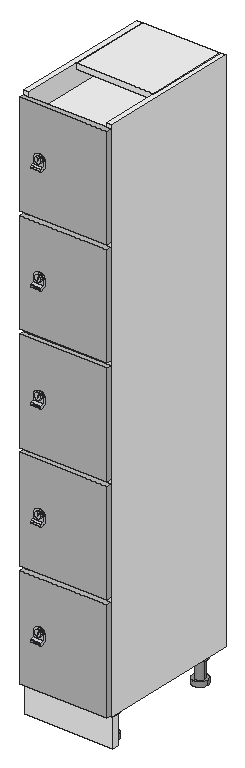
Revit family "1900H Locker Postal Slot 5 Door", category Casework, Revit 2016 (continued)
Definition of nested family "E4 Lock"
  Automatic sketch dimensions
    Extrusion 21 sketch curve to plane 39 = 0 mm
    Extrusion 22 sketch curve to plane 31 = 0 mm
    Extrusion 22 sketch curve to plane 38 = 0 mm
    Extrusion 22 sketch curve to plane 29 = 0 mm
    Extrusion 22 sketch curve to plane 37 = 0 mm
    Extrusion 23 sketch curve to plane 41 = 0 mm
    Extrusion 23 sketch curve to plane 42 = 0 mm
    Extrusion 24 sketch curve to plane 3 "Center (Left/Right)" = 0 mm
    Extrusion 24 sketch curve to plane 41 = 0 mm
    Extrusion 25 sketch curve to plane 41 = 0 mm
    Extrusion 25 sketch curve to plane 43 = 0 mm
    Extrusion 26 sketch curve to plane 32 = 0 mm
    Extrusion 26 sketch curve to plane 37 = 0 mm
    Extrusion 26 sketch curve to plane 38 = 0 mm
    Extrusion 26 sketch curve to plane 30 = 0 mm
    Extrusion 27 sketch curve to plane 32 = 0 mm
    Extrusion 27 sketch curve to plane 37 = 0 mm
    Extrusion 27 sketch curve to plane 46 = 0 mm
    Extrusion 28 sketch curve to plane 45 = 0 mm
    Extrusion 28 sketch curve to plane 32 = 0 mm
    Extrusion 28 sketch curve to plane 46 = 0 mm
    Extrusion 29 sketch curve to plane 30 = 0 mm
    Extrusion 29 sketch curve to plane 37 = 0 mm
    Extrusion 29 sketch curve to plane 47 = 0 mm
    Extrusion 30 sketch curve to plane 30 = 0 mm
    Extrusion 30 sketch curve to plane 45 = 0 mm
    Extrusion 30 sketch curve to plane 47 = 0 mm
    Extrusion 31 sketch curve to plane 3 "Center (Left/Right)" = 0 mm
    Extrusion 31 sketch curve to plane 48 = 0 mm
    radius of Extrusion 23 sketch curve = 1 mm
    radius of Extrusion 24 sketch curve = 0.982 mm
    radius of Extrusion 25 sketch curve = 1.013 mm
    radius of Extrusion 31 sketch curve = 7.5 mm
Types (19, lengths in mm): name | NominalWidth | ModelReference | M3 Lock | E4 Lock | Width | AB Lock
  (no name) | 300 | "LW319P5ABNP" | no | no | 300 | yes
  LW319P5ABNP | 300 | "LW319P5ABNP" | no | no | 300 | yes
  LW319P5ABUK | 300 | "LW319P5ABUK" | no | no | 300 | yes
  LW319P5E4NP | 300 | "LW319P5E4NP" | no | yes | 300 | no
  LW319P5E4UK | 300 | "LW319P5E4UK" | no | yes | 300 | no
  LW319P5M3NP | 300 | "LW319P5M3NP" | yes | no | 300 | no
  LW319P5M3UK | 300 | "LW319P5M3UK" | yes | no | 300 | no
  LW419P5ABNP | 400 | "LW419P5ABNP" | no | no | 400 | yes
  LW419P5ABUK | 400 | "LW419P5ABUK" | no | no | 400 | yes
  LW419P5E4NP | 400 | "LW419P5E4NP" | no | yes | 400 | no
  LW419P5E4UK | 400 | "LW419P5E4UK" | no | yes | 400 | no
  LW419P5M3NP | 400 | "LW419P5M3NP" | yes | no | 400 | no
  LW419P5M3UK | 400 | "LW419P5M3UK" | yes | no | 400 | no
  LW519P5ABNP | 500 | "LW519P5ABNP" | no | no | 500 | yes
  LW519P5ABUK | 500 | "LW519P5ABUK" | no | no | 500 | yes
  LW519P5E4NP | 500 | "LW519P5E4NP" | no | yes | 500 | no
  LW519P5E4UK | 500 | "LW519P5E4UK" | no | yes | 500 | no
  LW519P5M3NP | 500 | "LW519P5M3NP" | yes | no | 500 | no
  LW519P5M3UK | 500 | "LW519P5M3UK" | yes | no | 500 | no
